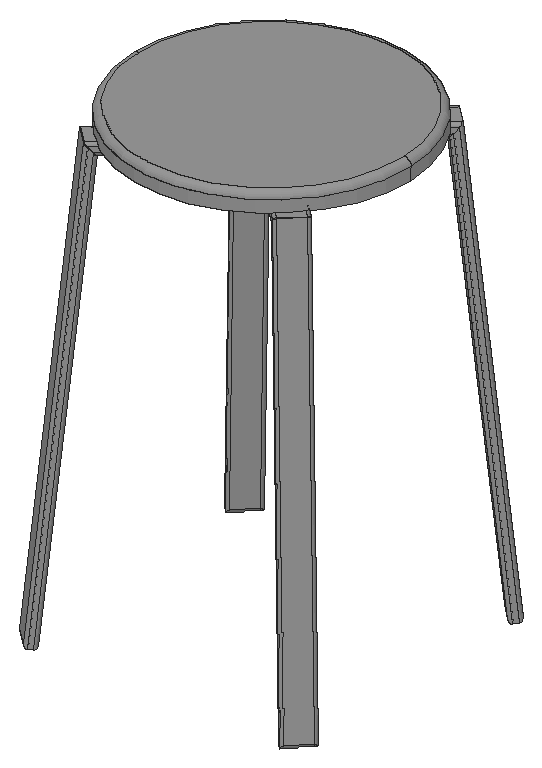
Revit family "Alf Family", category Furniture, Revit 2018
Family settings
  OmniClass Number = 23.40.20.00
  OmniClass Title = General Furniture and Specialties
  Work Plane-Based = No
  Always vertical = Yes
  Cut with Voids When Loaded = No
  Shared = No
  Room Calculation Point = No
Parameters (values of type "Stool Medium (470X470X620X620)")
  Surface Material [instance] = Laminate (White)
  Frame Material [instance] = Powdercoat (White)
  Family Type = Alf Family : Alf Medium Stool (470X470X620)
  Fabric Material [instance] = Fabric (Sapphire Blue)
Types (14, lengths in mm): name | Family Type | Fabric Material
  (no name) | Alf Family : Alf Medium Stool (470X470X620) | Fabric (Sapphire Blue)
  Stool Low (400X400X440X440) | Alf Family : Alf Low Stool (400X400X440) | Fabric (Sapphire Blue)
  Stool Medium (470X470X620X620) | Alf Family : Alf Medium Stool (470X470X620) | Fabric (Sapphire Blue)
  Stool High (470X470X800X800) | Alf Family : Alf High stool (470X470X800) | Fabric (Sapphire Blue)
  Stool High With Back (470X470X1020X800) | Alf Family : Alf High Stool With Back (470X470X1020) | Fabric (Sapphire Blue)
  Chair 3 Legs (470X540X765X440) | Alf Family : Alf Chair 3 legs (470X540X765) | Fabric (Sapphire Blue)
  Chair 4 Legs (470X540X765X440) | Alf Family : Alf Chair 4 Legs (470X540X765) | Fabric (Sapphire Blue)
  Table Round With 3 Legs (600X600X740) | Alf Family : Alf Table Round 3 Legs (600X600X740) | Fabric (White)
  Table Round With 3 Legs (750X750X740) | Alf Family : Alf Table Round 3 legs (750X750X740) | Fabric (White)
  Table Round With 4 Legs (750X750X740) | Alf Family : Alf Table Round 4 legs (750X750X740) | Fabric (White)
  Table Round With 4 Legs (900X900X740) | Alf Family : Alf Table Round 4 Legs (900X900X740) | Fabric (White)
  Table Square With 4 Legs (600X600X740) | Alf Family : Alf Table Square 4 Legs (600X600X740) | Fabric (White)
  Table Square With 4 Legs (750X750X740) | Alf Family : Alf Table Square 4 Legs (750X750X740) | Fabric (White)
  Table Square With 4 Legs (900X900X740) | Alf Family : Alf Table Square 4 Legs (900X900X740) | Fabric (White)
Reference planes
  plane 1 "Center (Front/Back)": y = 0
  plane 2: z = 0
  plane 3 "Center (Left/Right)": x = 0
Dimensions and locks
  aligned and locked: level to plane 2
Nested families
  nested 1: "Alf Family" at (0, 0, 0), type <- "Family Type", EdgeMaterial <- "Surface Material", FrameMaterial <- "Frame Material", SurfaceMaterial <- "Surface Material", SeatMaterial <- "Fabric Material", type "Alf Medium Stool (470X470X620)"
    with SurfaceMaterial Laminate (White), SeatMaterial Fabric (Sapphire Blue), FrameMaterial Powdercoat (White), EdgeMaterial Laminate (White)
Definition of nested family "Alf Family"
  Parameters (values of type "Alf Table Round 4 legs (750X750X740)")
    TableType = Alf Tabletop 600 : Alf Tabletop 600
    SurfaceMaterial [instance] = none
    StoolSeatType = Alf 3 Legged Chair Seat : Alf 3 Legged Chair Seat
    StoolLegType = Alf Kitchen Stool leg : Alf Kitchen Stool leg
    ShowTable3LegsRound = no
    ShowSquare4TableLegs = no
    Show4TableLegsRound = yes
    ShowTable = yes
    ShowStoolLegs = no
    ShowStoolSeat = no
    ShowChairSeat = no
    ShowChairBackRest = no
    ShowStoolBackRest = no
    SeatType = Alf 4 Legged Chair Seat : Alf 4 Legged Chair Seat
    SeatMaterial [instance] = none
    SeatHeight = 100 mm
    RestHeight = 280.841 mm
    FrameMaterial [instance] = none
    EdgeMaterial [instance] = none
    AlfChair4Legs = no
    AlfChair3Legs = no
    4TableLegSquareDimUD = 42.863 mm
    4TableLegSquareDimLR = 202.5 mm
    4TableLegDistance = 28 mm
    3LegRoundDistance = 395.858 mm
  Types (14, lengths in mm): name | TableType | StoolLegType | ShowTable3LegsRound | ShowSquare4TableLegs | Show4TableLegsRound | ShowTable | ShowStoolLegs | ShowStoolSeat | ShowChairSeat | ShowChairBackRest | ShowStoolBackRest | SeatType | SeatHeight | RestHeight | AlfChair4Legs | AlfChair3Legs | 4TableLegSquareDimUD | 4TableLegSquareDimLR | 4TableLegDistance | 3LegRoundDistance
    (no name) | Alf Tabletop 600 : Alf Tabletop 600 | Alf Kitchen Stool leg : Alf Kitchen Stool leg | no | no | yes | yes | no | no | no | no | no | Alf 4 Legged Chair Seat : Alf 4 Legged Chair Seat | 100 | 280.841 | no | no | 42.863 | 202.5 | 28 | 395.858
    Alf Low Stool (400X400X440) | Alf Tabletop 600 : Alf Tabletop 600 | Alf Front Leg (single) : Alf Front Leg (single) | no | no | no | no | yes | yes | no | no | no | Alf Stool Seat : Alf Stool Seat | 405 | 280.841 | no | no | 42.863 | 202.5 | 121.583 | 395.858
    Alf Medium Stool (470X470X620) | Alf Tabletop 600 : Alf Tabletop 600 | Alf Kitchen Stool leg : Alf Kitchen Stool leg | no | no | no | no | yes | yes | no | no | no | Alf Stool Seat : Alf Stool Seat | 595 | 280.841 | no | no | 42.863 | 202.5 | 121.583 | 395.858
    Alf High stool (470X470X800) | Alf Tabletop 600 : Alf Tabletop 600 | Alf Bar Stool Leg : Alf Bar Stool Leg | no | no | no | no | yes | yes | no | no | no | Alf 4 Legged Chair Seat : Alf 4 Legged Chair Seat | 775 | 280.841 | no | no | 42.863 | 202.5 | 121.583 | 395.858
    Alf High Stool With Back (470X470X1020) | Alf Tabletop 600 : Alf Tabletop 600 | Alf Bar Stool Leg : Alf Bar Stool Leg | no | no | no | no | yes | yes | no | no | yes | Alf 4 Legged Chair Seat : Alf 4 Legged Chair Seat | 775 | 645.841 | no | no | 42.863 | 202.5 | 121.583 | 395.858
    Alf Chair 3 legs (470X540X765) | Alf Tabletop 600 : Alf Tabletop 600 | Alf Kitchen Stool leg : Alf Kitchen Stool leg | no | no | no | no | no | no | yes | yes | no | Alf 3 Legged Chair Seat : Alf 3 Legged Chair Seat | 405 | 280.841 | no | yes | 42.863 | 202.5 | 121.583 | 395.858
    Alf Chair 4 Legs (470X540X765) | Alf Tabletop 600 : Alf Tabletop 600 | Alf Kitchen Stool leg : Alf Kitchen Stool leg | no | no | no | no | no | no | yes | yes | no | Alf 4 Legged Chair Seat : Alf 4 Legged Chair Seat | 405 | 280.841 | yes | no | 42.863 | 202.5 | 121.583 | 395.858
    Alf Table Round 3 Legs (600X600X740) | Alf Tabletop 600 : Alf Tabletop 600 | Alf Kitchen Stool leg : Alf Kitchen Stool leg | yes | no | no | yes | no | no | no | no | no | Alf 4 Legged Chair Seat : Alf 4 Legged Chair Seat | 100 | 280.841 | no | no | 42.863 | 202.5 | 121.583 | 300
    Alf Table Round 3 legs (750X750X740) | Alf Tabletop 750 : 750 | Alf Kitchen Stool leg : Alf Kitchen Stool leg | yes | no | no | yes | no | no | no | no | no | Alf 4 Legged Chair Seat : Alf 4 Legged Chair Seat | 100 | 280.841 | no | no | 42.863 | 202.5 | 121.583 | 375
    Alf Table Round 4 legs (750X750X740) | Alf Tabletop 600 : Alf Tabletop 600 | Alf Kitchen Stool leg : Alf Kitchen Stool leg | no | no | yes | yes | no | no | no | no | no | Alf 4 Legged Chair Seat : Alf 4 Legged Chair Seat | 100 | 280.841 | no | no | 42.863 | 202.5 | 28 | 395.858
    Alf Table Round 4 Legs (900X900X740) | Alf Tabletop 900 : Alf Tabletop 900 | Alf Kitchen Stool leg : Alf Kitchen Stool leg | no | no | yes | yes | no | no | no | no | no | Alf 4 Legged Chair Seat : Alf 4 Legged Chair Seat | 100 | 280.841 | no | no | 42.863 | 202.5 | 175 | 395.858
    Alf Table Square 4 Legs (600X600X740) | Alf Tabletop Rectangle 600X1200 : Square 600X600 | Alf Kitchen Stool leg : Alf Kitchen Stool leg | no | yes | no | yes | no | no | no | no | no | Alf 4 Legged Chair Seat : Alf 4 Legged Chair Seat | 100 | 280.841 | no | no | 25 | 202.5 | 121.583 | 395.858
    Alf Table Square 4 Legs (750X750X740) | Alf Tabletop Rectangle 600X1200 : Square 750X750 | Alf Kitchen Stool leg : Alf Kitchen Stool leg | no | yes | no | yes | no | no | no | no | no | Alf 4 Legged Chair Seat : Alf 4 Legged Chair Seat | 100 | 280.841 | no | no | 100 | 275 | 121.583 | 395.858
    Alf Table Square 4 Legs (900X900X740) | Alf Tabletop Rectangle 600X1200 : Square 900X900 | Alf Kitchen Stool leg : Alf Kitchen Stool leg | no | yes | no | yes | no | no | no | no | no | Alf 4 Legged Chair Seat : Alf 4 Legged Chair Seat | 100 | 280.841 | no | no | 175 | 350 | 121.583 | 395.858
  Reference planes
    plane 1 "Center (Front/Back)": y = 0
    plane 2: z = 0
    plane 3 "Center (Left/Right)": x = 0
  Dimensions and locks
    "RestHeight": nested 9 to level
    "SeatHeight": nested 11 to level
    "4TableLegDistance": nested 15 to plane 3 "Center (Left/Right)"
    "4TableLegDistance": plane 3 "Center (Left/Right)" to nested 17
    "4TableLegDistance": plane 1 "Center (Front/Back)" to nested 18
    "4TableLegDistance": plane 1 "Center (Front/Back)" to nested 16
    "4TableLegSquareDimLR": nested 21 to plane 3 "Center (Left/Right)"
    "4TableLegSquareDimLR": plane 3 "Center (Left/Right)" to nested 22
    "4TableLegSquareDimLR": nested 19 to plane 3 "Center (Left/Right)"
    "4TableLegSquareDimLR": plane 3 "Center (Left/Right)" to nested 20
    "4TableLegSquareDimUD": plane 1 "Center (Front/Back)" to nested 19
    "4TableLegSquareDimUD": nested 21 to plane 1 "Center (Front/Back)"
    "4TableLegSquareDimUD": plane 1 "Center (Front/Back)" to nested 20
    "4TableLegSquareDimUD": nested 22 to plane 1 "Center (Front/Back)"
    "3LegRoundDistance": nested 24 to plane 3 "Center (Left/Right)"
    "3LegRoundDistance": nested 25 to plane 3 "Center (Left/Right)"
    "3LegRoundDistance": nested 23 to plane 3 "Center (Left/Right)"
    aligned and locked: level to plane 2
  Nested families
    nested 1: "Alf Tabletop 600" at (0, 0, 718.457), type <- "TableType", visible <- "ShowTable", EdgeMaterial <- "EdgeMaterial", SurfaceMaterial <- "SurfaceMaterial", type "Alf Tabletop 600"
    nested 2: "Alf Front Leg (single)" at (-180.2, 19.892, 0) x (0, -1, 0) z (0, 0, 1), visible <- "AlfChair4Legs", FrameMaterial <- "FrameMaterial", type "Alf Front Leg (single)"
      with FrameMaterial none
    nested 3: "Alf Back Chair Legs (double)" at (0, -0.359, -0.172) x (0, 1, 0) z (0, 0, 1), visible <- "AlfChair4Legs", FrameMaterial <- "FrameMaterial", type "Alf Back Chair Legs (double)"
      with FrameMaterial none
    nested 4: "Alf Front Leg (single)" at (-20.161, -180.29, 0) x (1, -0.0009, 0) z (0, 0, 1), visible <- "AlfChair4Legs", FrameMaterial <- "FrameMaterial", type "Alf Front Leg (single)"
      with FrameMaterial none
    nested 5: "Alf 4 Legged Chair Seat" at (0, 0, 405), visible <- "ShowChairSeat", type <- "SeatType", SeatMaterial <- "SeatMaterial", type "Alf 4 Legged Chair Seat"
    nested 6: "Alf Back Chair Legs (double)" at (0, 0, 0) x (0, 1, 0) z (0, 0, 1), visible <- "AlfChair3Legs", FrameMaterial <- "FrameMaterial", type "Alf Back Chair Legs (double)"
      with FrameMaterial none
    nested 7: "Alf Front Leg (single)" at (-142.838, -114.637, 0) x (0.7071, -0.7071, 0) z (0, 0, 1), visible <- "AlfChair3Legs", FrameMaterial <- "FrameMaterial", type "Alf Front Leg (single)"
      with FrameMaterial none
    nested 8: "Alf Kitchen Stool leg" at (114.777, -142.976, 0) x (0.7071, 0.7071, 0) z (0, 0, 1), visible <- "ShowStoolLegs", type <- "StoolLegType", FrameMaterial <- "FrameMaterial", type "Alf Kitchen Stool leg"
    nested 9: "Alf Stool Back Rest" at (282.889, -0.036, 0) x (-0.0009, -1, 0) z (0, 0, 1), visible <- "ShowStoolBackRest", FrameMaterial <- "FrameMaterial", type "Alf Stool Back Rest"
      with FrameMaterial none
    nested 10: "Alf Chair Back Rest" at (200.035, 199.457, -2.656) x (0.7071, -0.7071, 0) z (0, 0, 1), visible <- "ShowChairBackRest", FrameMaterial <- "FrameMaterial", type "Alf Chair Back Rest"
      with FrameMaterial none
    nested 11: "Alf 3 Legged Chair Seat" at (0, 0, 100), visible <- "ShowStoolSeat", type <- "StoolSeatType", SeatMaterial <- "SeatMaterial", type "Alf 3 Legged Chair Seat"
      with SeatMaterial none
    nested 12: "Alf Kitchen Stool leg" at (-114.777, -142.976, 0) x (-0.7071, 0.7071, 0) z (0, 0, 1), visible <- "ShowStoolLegs", type <- "StoolLegType", FrameMaterial <- "FrameMaterial", type "Alf Kitchen Stool leg"
    nested 13: "Alf Kitchen Stool leg" at (114.777, 142.976, 0) x (0.7071, -0.7071, 0) z (0, 0, 1), visible <- "ShowStoolLegs", type <- "StoolLegType", FrameMaterial <- "FrameMaterial", type "Alf Kitchen Stool leg"
    nested 14: "Alf Kitchen Stool leg" at (-114.777, 142.976, 0) x (-0.7071, -0.7071, 0) z (0, 0, 1), visible <- "ShowStoolLegs", type <- "StoolLegType", FrameMaterial <- "FrameMaterial", type "Alf Kitchen Stool leg"
    nested 15: "AlfTableLeg" at (-165.137, 0, 0), visible <- "Show4TableLegsRound", FrameMaterial <- "FrameMaterial", type "AlfTableLeg"
      with FrameMaterial none
    nested 16: "AlfTableLeg" at (0, 165.137, 0) x (0, -1, 0) z (0, 0, 1), visible <- "Show4TableLegsRound", FrameMaterial <- "FrameMaterial", type "AlfTableLeg"
      with FrameMaterial none
    nested 17: "AlfTableLeg" at (165.137, 0, 0) x (-1, 0, 0) z (0, 0, 1), visible <- "Show4TableLegsRound", FrameMaterial <- "FrameMaterial", type "AlfTableLeg"
      with FrameMaterial none
    nested 18: "AlfTableLeg" at (0, -165.137, 0) x (0, 1, 0) z (0, 0, 1), visible <- "Show4TableLegsRound", FrameMaterial <- "FrameMaterial", type "AlfTableLeg"
      with FrameMaterial none
    nested 19: "AlfTableLeg" at (-227.5, 180, 0) x (0, -1, 0) z (0, 0, 1), visible <- "ShowSquare4TableLegs", FrameMaterial <- "FrameMaterial", type "AlfTableLeg"
      with FrameMaterial none
    nested 20: "AlfTableLeg" at (227.5, 180, 0) x (0, -1, 0) z (0, 0, 1), visible <- "ShowSquare4TableLegs", FrameMaterial <- "FrameMaterial", type "AlfTableLeg"
      with FrameMaterial none
    nested 21: "AlfTableLeg" at (-227.5, -180, 0) x (0, 1, 0) z (0, 0, 1), visible <- "ShowSquare4TableLegs", FrameMaterial <- "FrameMaterial", type "AlfTableLeg"
      with FrameMaterial none
    nested 22: "AlfTableLeg" at (227.5, -180, 0) x (0, 1, 0) z (0, 0, 1), visible <- "ShowSquare4TableLegs", FrameMaterial <- "FrameMaterial", type "AlfTableLeg"
      with FrameMaterial none
    nested 23: "AlfTableLeg" at (-258.721, 0, 0), visible <- "ShowTable3LegsRound", type "AlfTableLeg"
      with FrameMaterial none
    nested 24: "AlfTableLeg" at (128.98, 224.278, 0) x (-0.4985, -0.8669, 0) z (0, 0, 1), visible <- "ShowTable3LegsRound", type "AlfTableLeg"
      with FrameMaterial none
    nested 25: "AlfTableLeg" at (128.98, -224.278, 0) x (-0.4985, 0.8669, 0) z (0, 0, 1), visible <- "ShowTable3LegsRound", type "AlfTableLeg"
      with FrameMaterial none
  Definition of nested family "Alf Tabletop 600"
    Parameters (values of type "Alf Tabletop 600")
      SurfaceMaterial [instance] = none
      EdgeMaterial [instance] = none
    Reference planes
      plane 1 "Center (Front/Back)": y = 0
      plane 2: z = 0
      plane 3 "Center (Left/Right)": x = 0
    Forms (mm)
      Extrusion 1, solid, material <- "SurfaceMaterial"
        sketch origin (0, 0, 0) x (1, 0, 0) y (0, 1, 0)
          loop
            circle (0, 0) r 300
        from 0 to 22
      Sweep 2, solid, material <- "EdgeMaterial"
        path origin (0, 0, 0) x (1, 0, 0) y (0, 1, 0)
          loop
            circle (0, 0) r 300
        profile origin (0, -300, 0) x (0, 1, 0) y (0, 0, 1)
          loop
            line (0, 0) -> (0, 22)
            arc (0, 22) -> (-2.5, 11) -> (0, 0) r 25.45
    Dimensions and locks
      aligned and locked: level to plane 2
  Definition of nested family "Alf Front Leg (single)"
    Parameters (values of type "Alf Front Leg (single)")
      FrameMaterial [instance] = none
    Reference planes
      plane 1 "Center (Front/Back)": y = 0
      plane 2: z = 0
      plane 3 "Center (Left/Right)": x = 0
    Forms (mm)
      Extrusion 1, solid, material <- "FrameMaterial"
        sketch origin (0, -42.416, 0.651) x (0, 0.994522, -0.104528) y (0, 0.104528, 0.994522)
          loop
            line (0, 0) -> (0, 391.494) -> (-15, 405) -> (-15, 0) -> (0, 0)
        from 0 to 40
      Extrusion 2, solid, material <- "FrameMaterial"
        sketch origin (0, 390, 390) x (0, 0, -1) y (0, 1, 0)
          loop
            line (0, -264.8) -> (-15, -264.8) -> (-15, -405) -> (0, -391.494) -> (0, -264.8)
        from 0 to 40
      Sweep 3, void
        path in 3D
          loop
            line (0, 125.2, 405) -> (40, 125.2, 405) -> (40, -15, 405) -> (40, -57.334, 2.219) -> (0, -57.334, 2.219) -> (0, -15, 405) -> (0, 125.2, 405)
        profile origin (0, 55.1, 405) x (-1, 0, 0) y (0, 0, 1)
          loop
            line (0, 0) -> (-4, 0)
            arc (-4, 0) -> (-1.172, -1.172) -> (0, -4) r 4
            line (0, -4) -> (0, 0)
      Sweep 4, void
        path in 3D
          loop
            line (0, -1.494, 390) -> (0, -42.416, 0.651) -> (40, -42.416, 0.651) -> (40, -1.494, 390) -> (40, 125.2, 390) -> (0, 125.2, 390) -> (0, -1.494, 390)
        profile origin (0, 61.853, 390) x (-1, 0, 0) y (0, 0, -1)
          loop
            line (0, 0) -> (-4, 0)
            arc (-4, 0) -> (-1.172, -1.172) -> (0, -4) r 4
            line (0, -4) -> (0, 0)
    Cuts and joins
      Sweep 3, Sweep 4 cuts Extrusion 2
      Sweep 3, Sweep 4 cuts Extrusion 1
    Lines and regions (mm)
      sketch lines
        curve 1: line (0, -15, 405) -> (0, 125.2, 405)
        curve 2: line (40, 125.2, 405) -> (0, 125.2, 405)
        curve 3: line (40, 125.2, 405) -> (40, -15, 405)
        curve 4: line (40, -15, 405) -> (40, -57.334, 2.219)
        curve 5: line (0, -57.334, 2.219) -> (0, -15, 405)
        curve 6: line (40, -57.334, 2.219) -> (0, -57.334, 2.219)
        curve 7: line (0, 125.2, 390) -> (0, -1.494, 390)
        curve 8: line (40, 125.2, 390) -> (0, 125.2, 390)
        curve 9: line (40, -1.494, 390) -> (40, 125.2, 390)
        curve 10: line (40, -42.416, 0.651) -> (40, -1.494, 390)
        curve 11: line (40, -42.416, 0.651) -> (0, -42.416, 0.651)
        curve 12: line (0, -1.494, 390) -> (0, -42.416, 0.651)
    Dimensions and locks
      aligned and locked: level to plane 2
  Definition of nested family "Alf Back Chair Legs (double)"
    Parameters (values of type "Alf Back Chair Legs (double)")
      FrameMaterial [instance] = none
    Reference planes
      plane 1 "Center (Front/Back)": y = 0
      plane 2: z = 0
      plane 3 "Center (Left/Right)": x = 0
    Forms (mm)
      Extrusion 1, solid, material <- "FrameMaterial"
        sketch origin (0, 20, 390.172) x (-1, 0, 0) y (0, -1, 0)
          loop
            line (20, 0) -> (20, 224.4) -> (-20, 224.4) -> (-20, 40) -> (20, 0)
        from 0 to 15
      Extrusion 2, void
        sketch origin (0, 10, 405.172) x (0, -1, 0) y (0, 0, -1)
          loop
            line (214.4, 0) -> (214.4, 15) -> (203.301, 15) -> (214.4, 0)
        from -20 to 20
      Extrusion 3, solid, material <- "FrameMaterial"
        sketch origin (0, -141.716, 610.204) x (0, -0.292372, -0.956305) y (0, 0.956305, -0.292372)
          loop
            line (225.499, 15) -> (214.4, 0) -> (633.499, 0) -> (633.499, 15) -> (225.499, 15)
        from -20 to 20
      Extrusion 4, solid, material <- "FrameMaterial"
        sketch origin (-20, 0, 390.172) x (0, -1, 0) y (1, 0, 0)
          loop
            line (-20, 0) -> (20, 40) -> (20, 224.4) -> (-20, 224.4) -> (-20, 0)
        from 0 to 15
      Extrusion 5, void
        sketch origin (-10, 0, 405.172) x (1, 0, 0) y (0, 0, 1)
          loop
            line (214.4, 0) -> (203.301, -15) -> (214.4, -15) -> (214.4, 0)
        from -20 to 20
      Extrusion 6, solid, material <- "FrameMaterial"
        sketch origin (141.716, 0, 610.204) x (0.292372, 0, -0.956305) y (0.956305, 0, 0.292372)
          loop
            line (225.499, -15) -> (633.499, -15) -> (633.499, 0) -> (214.4, 0) -> (225.499, -15)
        from -20 to 20
      Sweep 7, void
        path in 3D
          loop
            line (-20, -204.4, 405.172) -> (-20, -326.933, 4.386) -> (20, -326.933, 4.386) -> (20, -204.4, 405.172) -> (20, -20, 405.172) -> (204.4, -20, 405.172) -> (326.933, -20, 4.386) -> (326.933, 20, 4.386) -> (204.4, 20, 405.172) -> (-20, 20, 405.172) -> (-20, -204.4, 405.172)
        profile origin (-20, -92.2, 405.172) x (1, 0, 0) y (0, 0, 1)
          loop
            line (0, 0) -> (0, -2)
            arc (0, -2) -> (0.586, -0.586) -> (2, 0) r 2
            line (2, 0) -> (0, 0)
    Cuts and joins
      Extrusion 2, Extrusion 5, Sweep 7 cuts Extrusion 1
      Extrusion 5, Sweep 7 cuts Extrusion 3
      Extrusion 5, Sweep 7 cuts Extrusion 4
      Sweep 7 cuts Extrusion 6
      joined: Extrusion 1, Extrusion 3, Extrusion 4, Extrusion 6
    Lines and regions (mm)
      sketch lines
        curve 1: line (-20, 20, 405.172) -> (-20, -204.4, 405.172)
        curve 2: line (204.4, 20, 405.172) -> (-20, 20, 405.172)
        curve 3: line (204.4, 20, 405.172) -> (326.933, 20, 4.386)
        curve 4: line (326.933, -20, 4.386) -> (326.933, 20, 4.386)
        curve 5: line (326.933, -20, 4.386) -> (204.4, -20, 405.172)
        curve 6: line (20, -20, 405.172) -> (204.4, -20, 405.172)
        curve 7: line (20, -204.4, 405.172) -> (20, -20, 405.172)
        curve 8: line (20, -204.4, 405.172) -> (20, -326.933, 4.386)
        curve 9: line (20, -326.933, 4.386) -> (-20, -326.933, 4.386)
        curve 10: line (-20, -326.933, 4.386) -> (-20, -204.4, 405.172)
    Dimensions and locks
      aligned and locked: level to plane 2
  Definition of nested family "Alf 4 Legged Chair Seat"
    Parameters (values of type "Alf 4 Legged Chair Seat")
      SeatMaterial [instance] = none
    Reference planes
      plane 1 "Center (Front/Back)": y = 0
      plane 2: z = 0
      plane 3 "Center (Left/Right)": x = 0
    Forms (mm)
      Extrusion 1, solid, material <- "SeatMaterial"
        sketch origin (0, 0, 0) x (1, 0, 0) y (0, 1, 0)
          loop
            circle (0, 0) r 185
        from 0 to 25
      Sweep 2, void
        path in 3D
          loop
            arc (-185, 0, 25) -> (0, 185, 25) -> (185, 0, 25) r 185
            arc (185, 0, 25) -> (0, -185, 25) -> (-185, 0, 25) r 185
        profile origin (0, -185, 25) x (0, -1, 0) y (0, 0, 1)
          loop
            line (0, -9) -> (0, 0) -> (-9, 0)
            arc (-9, 0) -> (-2.636, -2.636) -> (0, -9) r 9
    Cuts and joins
      Sweep 2 cuts Extrusion 1
    Lines and regions (mm)
      sketch lines
        curve 1: arc (185, 0, 25) -> (0, -185, 25) -> (-185, 0, 25) r 185
        curve 2: arc (-185, 0, 25) -> (0, 185, 25) -> (185, 0, 25) r 185
    Dimensions and locks
      aligned and locked: level to plane 2
  Definition of nested family "Alf Kitchen Stool leg"
    Parameters (values of type "Alf Kitchen Stool leg")
      FrameMaterial [instance] = none
    Reference planes
      plane 1 "Center (Front/Back)": y = 0
      plane 2: z = 0
      plane 3 "Center (Left/Right)": x = 0
    Forms (mm)
      Extrusion 1, solid, material <- "FrameMaterial"
        sketch origin (0, -42.416, 192.028) x (0, 0.994522, -0.104528) y (0, 0.104528, 0.994522)
          loop
            line (0, -193.506) -> (0, 391.494) -> (-15, 405) -> (-15, -193.506) -> (0, -193.506)
        from 0 to 40
      Extrusion 2, solid, material <- "FrameMaterial"
        sketch origin (0, 390, 581.377) x (0, 0, -1) y (0, 1, 0)
          loop
            line (0, -264.8) -> (-15, -264.8) -> (-15, -405) -> (0, -391.494) -> (0, -264.8)
        from 0 to 40
      Sweep 3, void
        path in 3D
          loop
            line (0, 125.2, 596.377) -> (40, 125.2, 596.377) -> (40, -15, 596.377) -> (40, -77.561, 1.15) -> (0, -77.561, 1.15) -> (0, -15, 596.377) -> (0, 125.2, 596.377)
        profile origin (0, 55.1, 596.377) x (-1, 0, 0) y (0, 0, 1)
          loop
            line (0, 0) -> (-4, 0)
            arc (-4, 0) -> (-1.172, -1.172) -> (0, -4) r 4
            line (0, -4) -> (0, 0)
      Sweep 4, void
        path in 3D
          loop
            line (0, -1.494, 581.377) -> (0, -62.643, -0.418) -> (40, -62.643, -0.418) -> (40, -1.494, 581.377) -> (40, 125.2, 581.377) -> (0, 125.2, 581.377) -> (0, -1.494, 581.377)
        profile origin (0, 61.853, 581.377) x (-1, 0, 0) y (0, 0, -1)
          loop
            line (0, 0) -> (-4, 0)
            arc (-4, 0) -> (-1.172, -1.172) -> (0, -4) r 4
            line (0, -4) -> (0, 0)
    Cuts and joins
      Sweep 3, Sweep 4 cuts Extrusion 2
      Sweep 3, Sweep 4 cuts Extrusion 1
    Lines and regions (mm)
      sketch lines
        curve 1: line (0, -15, 596.377) -> (0, 125.2, 596.377)
        curve 2: line (40, 125.2, 596.377) -> (0, 125.2, 596.377)
        curve 3: line (40, 125.2, 596.377) -> (40, -15, 596.377)
        curve 4: line (40, -15, 596.377) -> (40, -77.561, 1.15)
        curve 5: line (0, -77.561, 1.15) -> (0, -15, 596.377)
        curve 6: line (40, -77.561, 1.15) -> (0, -77.561, 1.15)
        curve 7: line (0, 125.2, 581.377) -> (0, -1.494, 581.377)
        curve 8: line (40, 125.2, 581.377) -> (0, 125.2, 581.377)
        curve 9: line (40, -1.494, 581.377) -> (40, 125.2, 581.377)
        curve 10: line (40, -62.643, -0.418) -> (40, -1.494, 581.377)
        curve 11: line (40, -62.643, -0.418) -> (0, -62.643, -0.418)
        curve 12: line (0, -1.494, 581.377) -> (0, -62.643, -0.418)
    Dimensions and locks
      aligned and locked: level to plane 2
  Definition of nested family "Alf Stool Back Rest"
    Parameters (values of type "Alf Stool Back Rest")
      FrameMaterial [instance] = none
    Reference planes
      plane 1 "Center (Front/Back)": y = 0
      plane 2: z = 0
      plane 3 "Center (Left/Right)": x = 0
    Forms (mm)
      Extrusion 1, solid, material <- "FrameMaterial"
        sketch origin (-2.414, -252.317, 0) x (-0.707146, 0.707068, 0) y (0, 0, -1)
          loop
            line (178.934, -409.732) -> (193.936, -281.889) -> (189.102, -280.841) -> (173.977, -409.732) -> (178.934, -409.732)
        from 0 to 40
      Blend 2, solid, material <- "FrameMaterial"
        base sketch origin (480.768, 727.025, 409.732) x (-0.707107, 0.707107, 0) y (-0.707107, -0.707107, 0)
          loop
            line (-171.905, 1034.171) -> (-171.907, 1074.171) -> (-176.864, 1074.17) -> (-176.862, 1034.17) -> (-171.905, 1034.171)
        top sketch origin (480.768, 727.025, 409.732) x (-0.707107, 0.707107, 0) y (-0.707107, -0.707107, 0)
          loop
            line (-89.547, 1101.686) -> (-94.356, 1101.686) -> (-94.356, 1061.686) -> (-89.547, 1061.686) -> (-89.547, 1101.686)
        from 0 to 307.163
      Extrusion 3, solid, material <- "FrameMaterial"
        sketch origin (-208.879, -77.708, 765) x (-0.707107, -0.707107, 0) y (0.184173, -0.184173, -0.965485)
          loop
            line (44.892, 49.825) -> (5, 49.825) -> (5, 0) -> (35, 0)
            arc (35, 0) -> (44.573, 7.882) -> (47.478, 19.937) r 19.547
            line (47.478, 19.937) -> (44.892, 49.825)
        from 0 to -4.595
      Sweep 4, solid, material <- "FrameMaterial"
        path origin (-7.756, 22.199, 0) x (1, 0, 0) y (0, 1, 0)
          loop
            arc (7.756, -16.565) -> (121.087, -37.288) -> (219.755, -96.77) r 320.307
            line (219.755, -96.77) -> (223.109, -99.993)
        profile origin (215.353, -77.794, 0) x (0.692925, 0.72101, 0) y (0, 0, 1)
          loop
            line (-17.41, 716.894) -> (-12.975, 715.698) -> (0, 763.803) -> (-4.435, 765) -> (-17.41, 716.894)
      Extrusion 5, solid, material <- "FrameMaterial"
        sketch origin (2.216, -252.004, 0) x (0.707146, 0.707068, 0) y (0, 0, 1)
          loop
            line (178.934, 409.732) -> (173.977, 409.732) -> (189.102, 280.841) -> (193.936, 281.889) -> (178.934, 409.732)
        from 0 to 40
      Blend 6, solid, material <- "FrameMaterial"
        base sketch origin (-480.966, 727.338, 409.732) x (-0.707107, -0.707107, 0) y (0.707107, -0.707107, 0)
          loop
            line (171.905, 1034.171) -> (176.862, 1034.17) -> (176.864, 1074.17) -> (171.907, 1074.171) -> (171.905, 1034.171)
        top sketch origin (-480.966, 727.338, 409.732) x (-0.707107, -0.707107, 0) y (0.707107, -0.707107, 0)
          loop
            line (89.547, 1101.686) -> (89.547, 1061.686) -> (94.356, 1061.686) -> (94.356, 1101.686) -> (89.547, 1101.686)
        from 0 to 307.163
      Extrusion 7, solid, material <- "FrameMaterial"
        sketch origin (208.68, -77.395, 765) x (0.707107, -0.707107, 0) y (0.184173, 0.184173, 0.965485)
          loop
            line (44.892, -49.825) -> (47.478, -19.937)
            arc (47.478, -19.937) -> (44.573, -7.882) -> (35, 0) r 19.547
            line (35, 0) -> (5, 0) -> (5, -49.825) -> (44.892, -49.825)
        from 0 to -4.595
      Sweep 8, solid, material <- "FrameMaterial"
        path origin (7.756, 22.199, 0) x (-1, 0, 0) y (0, -1, 0)
          loop
            arc (7.756, 16.565) -> (121.087, 37.288) -> (219.755, 96.77) r 320.307
            line (219.755, 96.77) -> (223.307, 100.305)
        profile origin (-215.552, -78.107, 0) x (0.705431, -0.708779, 0) y (0, 0, 1)
          loop
            line (17.41, 716.894) -> (4.435, 765) -> (0, 763.803) -> (12.975, 715.698) -> (17.41, 716.894)
    Dimensions and locks
      aligned and locked: level to plane 2
  Definition of nested family "Alf Chair Back Rest"
    Parameters (values of type "Alf Chair Back Rest")
      FrameMaterial [instance] = none
    Reference planes
      plane 1 "Center (Front/Back)": y = 0
      plane 2: z = 0
      plane 3 "Center (Left/Right)": x = 0
    Forms (mm)
      Extrusion 1, solid, material <- "FrameMaterial"
        sketch origin (-2.414, -252.317, 0) x (-0.707146, 0.707068, 0) y (0, 0, -1)
          loop
            line (185.874, -409.732) -> (222.629, -287.165) -> (218.05, -285.294) -> (180.734, -409.732) -> (185.874, -409.732)
        from 0 to 40
      Blend 2, solid, material <- "FrameMaterial"
        base sketch origin (480.768, 727.025, 409.732) x (-0.707107, 0.707107, 0) y (-0.707107, -0.707107, 0)
          loop
            line (-164.965, 1034.171) -> (-164.967, 1074.171) -> (-170.107, 1074.171) -> (-170.104, 1034.171) -> (-164.965, 1034.171)
        top sketch origin (480.768, 727.025, 409.732) x (-0.707107, 0.707107, 0) y (-0.707107, -0.707107, 0)
          loop
            line (-89.547, 1101.686) -> (-94.356, 1101.686) -> (-94.356, 1061.686) -> (-89.547, 1061.686) -> (-89.547, 1101.686)
        from 0 to 307.163
      Extrusion 3, solid, material <- "FrameMaterial"
        sketch origin (-208.879, -77.708, 765) x (-0.707107, -0.707107, 0) y (0.184173, -0.184173, -0.965485)
          loop
            line (44.892, 49.825) -> (5, 49.825) -> (5, 0) -> (35, 0)
            arc (35, 0) -> (44.573, 7.882) -> (47.478, 19.937) r 19.547
            line (47.478, 19.937) -> (44.892, 49.825)
        from 0 to -4.595
      Sweep 4, solid, material <- "FrameMaterial"
        path origin (7.756, 22.199, 0) x (-1, 0, 0) y (0, -1, 0)
          loop
            arc (7.756, 16.565) -> (121.087, 37.288) -> (219.755, 96.77) r 320.307
            line (219.755, 96.77) -> (223.307, 100.305)
        profile origin (-215.552, -78.107, 0) x (0.705431, -0.708779, 0) y (0, 0, 1)
          loop
            line (17.41, 716.894) -> (4.435, 765) -> (0, 763.803) -> (12.975, 715.698) -> (17.41, 716.894)
      Extrusion 5, solid, material <- "FrameMaterial"
        sketch origin (2.414, -252.317, 0) x (0.707146, 0.707068, 0) y (0, 0, 1)
          loop
            line (185.874, 409.732) -> (180.734, 409.732) -> (218.05, 285.294) -> (222.629, 287.165) -> (185.874, 409.732)
        from 0 to 40
      Blend 6, solid, material <- "FrameMaterial"
        base sketch origin (-480.768, 727.025, 409.732) x (-0.707107, -0.707107, 0) y (0.707107, -0.707107, 0)
          loop
            line (164.965, 1034.171) -> (170.104, 1034.171) -> (170.107, 1074.171) -> (164.967, 1074.171) -> (164.965, 1034.171)
        top sketch origin (-480.768, 727.025, 409.732) x (-0.707107, -0.707107, 0) y (0.707107, -0.707107, 0)
          loop
            line (89.547, 1101.686) -> (89.547, 1061.686) -> (94.356, 1061.686) -> (94.356, 1101.686) -> (89.547, 1101.686)
        from 0 to 307.163
      Extrusion 7, solid, material <- "FrameMaterial"
        sketch origin (208.879, -77.708, 765) x (0.707107, -0.707107, 0) y (0.184173, 0.184173, 0.965485)
          loop
            line (44.892, -49.825) -> (47.478, -19.937)
            arc (47.478, -19.937) -> (44.573, -7.882) -> (35, 0) r 19.547
            line (35, 0) -> (5, 0) -> (5, -49.825) -> (44.892, -49.825)
        from 0 to -4.595
      Sweep 8, solid, material <- "FrameMaterial"
        path origin (-7.756, 22.199, 0) x (1, 0, 0) y (0, 1, 0)
          loop
            arc (7.756, -16.565) -> (121.087, -37.288) -> (219.755, -96.77) r 320.307
            line (219.755, -96.77) -> (223.307, -100.305)
        profile origin (215.552, -78.107, 0) x (0.705431, 0.708779, 0) y (0, 0, 1)
          loop
            line (-17.41, 716.894) -> (-12.975, 715.698) -> (0, 763.803) -> (-4.435, 765) -> (-17.41, 716.894)
    Dimensions and locks
      aligned and locked: level to plane 2
  Definition of nested family "Alf 3 Legged Chair Seat"
    Parameters (values of type "Alf 3 Legged Chair Seat")
      SeatMaterial [instance] = none
    Reference planes
      plane 1 "Center (Front/Back)": y = 0
      plane 2: z = 0
      plane 3 "Center (Left/Right)": x = 0
    Forms (mm)
      Extrusion 1, solid, material <- "SeatMaterial"
        sketch origin (0, 0, 0) x (1, 0, 0) y (0, 1, 0)
          loop
            circle (0, 0) r 185
        from 0 to 25
      Sweep 2, void
        path in 3D
          loop
            arc (-185, 0, 25) -> (0, 185, 25) -> (185, 0, 25) r 185
            arc (185, 0, 25) -> (0, -185, 25) -> (-185, 0, 25) r 185
        profile origin (0, -185, 25) x (0, -1, 0) y (0, 0, 1)
          loop
            line (0, -9) -> (0, 0) -> (-9, 0)
            arc (-9, 0) -> (-2.636, -2.636) -> (0, -9) r 9
    Cuts and joins
      Sweep 2 cuts Extrusion 1
    Lines and regions (mm)
      sketch lines
        curve 1: arc (185, 0, 25) -> (0, -185, 25) -> (-185, 0, 25) r 185
        curve 2: arc (-185, 0, 25) -> (0, 185, 25) -> (185, 0, 25) r 185
    Dimensions and locks
      aligned and locked: level to plane 2
  Definition of nested family "AlfTableLeg"
    Parameters (values of type "AlfTableLeg")
      FrameMaterial [instance] = none
      Dim = 96.00°
    Reference planes
      plane 1 "Center (Front/Back)": y = 0
      plane 2: z = 0
      plane 3 "Center (Left/Right)": x = 0
    Forms (mm)
      Extrusion 1, solid, material <- "FrameMaterial"
        sketch origin (-27.854, 25, 0) x (1, 0, 0) y (0, 0, 1)
          loop
            line (-34.008, 718.284) -> (-109.283, 2.091) -> (-89.393, 0) -> (-16, 698.284) -> (164.992, 698.284) -> (164.992, 718.284) -> (-34.008, 718.284)
        from 0 to 50
      Sweep 2, void
        path origin (-27.854, -25, 0) x (1, 0, 0) y (0, 0, 1)
          loop
            line (164.992, 698.284) -> (164.992, 718.284) -> (-34.008, 718.284) -> (-109.283, 2.091) -> (-89.393, 0) -> (-16, 698.284) -> (164.992, 698.284)
        profile origin (137.137, -25, 708.284) x (-1, 0, 0) y (0, -1, 0)
          loop
            line (0, 0) -> (0, -2.482)
            arc (0, -2.482) -> (0.727, -0.727) -> (2.482, 0) r 2.482
            line (2.482, 0) -> (0, 0)
      Sweep 3, void
        path origin (-27.854, 25, 0) x (1, 0, 0) y (0, 0, -1)
          loop
            line (164.992, -698.284) -> (-16, -698.284) -> (-89.393, 0) -> (-109.283, -2.091) -> (-34.008, -718.284) -> (164.992, -718.284) -> (164.992, -698.284)
        profile origin (137.137, 25, 708.284) x (1, 0, 0) y (0, 1, 0)
          loop
            line (0, 0) -> (-2.482, 0)
            arc (-2.482, 0) -> (-0.727, -0.727) -> (0, -2.482) r 2.482
            line (0, -2.482) -> (0, 0)
    Cuts and joins
      Sweep 2, Sweep 3 cuts Extrusion 1
    Dimensions and locks
      aligned and locked: level to plane 2
      aligned and locked: Sweep 2 sketch curve to Extrusion 1  (x6)
